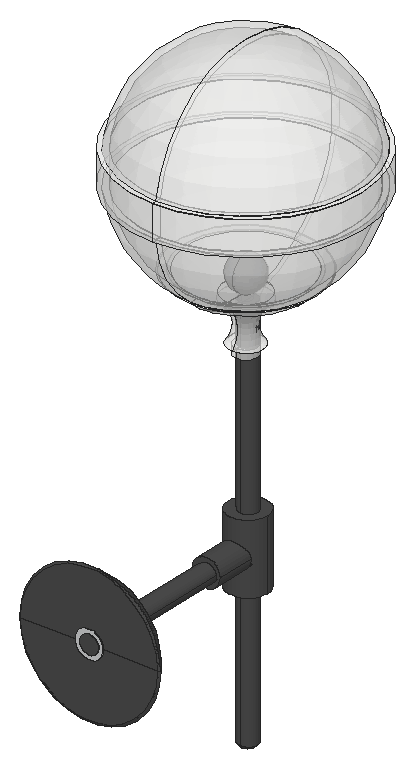
Revit family "PEGGY-Wall", category Lighting Fixtures, host Wall, Revit 2020
Family settings
  Host = Wall
  Round Connector Dimension = Use Diameter
  Part Type = Normal
  OmniClass Number = 23.80.70.00
  OmniClass Title = Lighting
  Always vertical = Yes
  Cut with Voids When Loaded = No
  Light Source = No
  Shared = No
  Room Calculation Point = No
Parameters (values of type "PEGGY AP")
  World Region [instance] = yes
  Width = 108 mm
  Voltage Control [instance] = if(World Region, 240 VA, 110 VA)  # 240 VA
  Voltage [instance] = if(World Region, 240 V, 110 V)  # 240 V
  USA and Canada market contacts = "ip@vistosi.it, +39.344.180.73.87"
  USA Region [instance] = not(World Region)  # no
  URL Product Page = "https://vistosi.it/prodotti-lampade-vetro/peggy-ap/?lang=en&sku=PEGGYAP000000OT-BCLUE141CE"
  URL = "https://vistosi.com"
  Type Comments = "Hangar Design Group"
  Region [instance] = if(World Region, "Europe", "USA")  # "Europe"
  Product data url = ""
  Model = "PEGGY"
  Material Bulb [instance] = 000_VISTOSI_Bulb
  Manufacturer country = "Italy"
  Manufacturer = "Vistosi"
  Light Source [instance] = Bulb : 2700 K 13 W 37 V 2000 lm DIM2 Phase Cut
  Glass finish_type1 [instance] = none
  Frequency [instance] = if(World Region, 50 Hz, 60 Hz)  # 50 Hz
  Frame finish [instance] = none
  Designer = "Hangar Design Group"
  Description = "WALL LAMP"
  Depth = 108 mm
  Default Elevation = 0 mm
  Country = "Europe"
  Contact = "T. +39 041 5903480 Email: vistosi@vistosi.it"
  Bulb Diametr = 15 mm
  BIMobject category = ""
Reference planes
  plane 1: y = 0
  plane 2 "Light Source Axis (L/R)": x = 125
  plane 3 "Light Source Axis (F/R)": y = 247
  plane 4 "Light Source Elevation": z = 1800
Forms (mm)
  Sweep 1, solid, material <- "Frame finish"
    path origin (125, 0, 0) x (0, 1, 0) y (0, 0, 1)
      loop
        line (247, 1800) -> (75, 1800)
    profile origin (125, 161, 1800) x (0, 0, -1) y (1, 0, 0)
      loop
        circle (0.175, 0) r 8
  Extrusion 2, solid, material <- "Frame finish"
    sketch origin (3.125, 23.125, 1800) x (1, 0, 0) y (0, 1, 0)
      loop
        circle (121.875, 223.875) r 17
      loop
        circle (121.875, 224.05) r 8
    from -30 to 30
  Extrusion 3, solid, material <- "Frame finish"
    sketch origin (-5000, 75, 0) x (-1, 0, 0) y (0, 0, 1)
      loop
        circle (-5125, 1800) r 12
    from 0 to 38
  Extrusion 4, solid, material <- "Frame finish"
    sketch origin (0, 247, -28.75) x (1, 0, 0) y (0, 0, 1)
      loop
        circle (125, 1828.75) r 12
    from 0 to 45
  Revolve 5, solid, material <- "Frame finish"
    sketch origin (125, 0, 0) x (0, 1, 0) y (0, 0, 1)
      loop
        line (247, 1992.899) -> (247, 1647.204) -> (253.25, 1647.204) -> (255, 1648.954) -> (255, 1992.899) -> (247, 1992.899)
      axis (247, 1992.899) -> (247, 1647.204)
    angle from 0 to 360
Text (mm)
  text "Placement side" at (-1787.139, 1116.779, 0), in view "Ref. Level"
  text "Placement side" at (0, 2110.396, 2986.058), in view "Left"
  text "Placement side" at (0, 628.478, 3011.967), in view "Right"
Dimensions and locks
  aligned and locked: plane 1 to host wall
  aligned and locked: Sweep 1 sketch curve to plane 4 "Light Source Elevation"
  aligned and locked: host wall to Sweep 1 sketch curve
  aligned and locked: plane 3 "Light Source Axis (F/R)" to Sweep 1 sketch curve
Nested families
  nested 1: "PEGGY_Base" at (125, 75, 1800) x (-1, 0, 0) z (0, 1, 0), Frame finish <- "Frame finish", type "Peggy_Base"
  nested 2: "PEGGY_Lampshade" at (123.624, 246.672, 1992.899) x (0, 1, 0) z (0, 0, 1), Frame finish <- "Frame finish", Glass finish_type1 <- "Glass finish_type1", Material Bulb <- "Material Bulb", Bulb Diametr <- "Bulb Diametr", type "Peggy"
    with Material Bulb 000_VISTOSI_Bulb, Glass finish_type1 none, Frame finish none, Bulb Diametr 15 mm
  nested 3: "Bulb" at (123.624, 246.672, 512.899) x (0, 1, 0) z (0, 0, 1), type "2700 K 13 W 37 V 2000 lm DIM2 Phase Cut"
    with Material 000_VISTOSI_Bulb, Diameter bulb 15 mm
Connectors
  electrical at (125, 75, 1799.825), driven by "Voltage", driven by "Voltage Control"
    settings: on Sweep 1, index 1, voltage 240 V, apparent load 0 VA, apparent load phase1 240 VA, apparent load phase2 0 VA, apparent load phase3 0 VA, power factor 1, load classification "Other", number of poles 1, system type 31, power factor state 1, is connector primary yes, connector utility no, sub classification motor no, connector description ""
Definition of nested family "PEGGY_Base"
  Parameters (values of type "Peggy_Base")
    Frame finish [instance] = none
    Description = "Top base"  # constant formula
    Default Elevation = 1219.2 mm
  Reference planes
    plane 1 "Center (Front/Back)": y = 0
    plane 2: z = 0
    plane 3 "Center (Left/Right)": x = 0
    plane 4: x = -61
    plane 5: x = 61
  Forms (mm)
    Extrusion 1, solid
      sketch origin (0, 0, 0) x (1, 0, 0) y (0, 1, 0)
        loop
          line (-1219.2, 1219.2) -> (-1219.2, -1219.2) -> (1219.2, -1219.2) -> (1219.2, 1219.2) -> (-1219.2, 1219.2)
      from 0 to -304.8
    Revolve 2, solid, material <- "Frame finish"
      sketch origin (0, 0, 0) x (1, 0, 0) y (0, 0, 1)
        loop
          line (0, 0) -> (59.4, 0) -> (61, 1.2)
          arc (61, 1.2) -> (34.579, 24.925) -> (0, 33) r 71.449
          line (0, 33) -> (0, 0)
        axis (0, 33) -> (0, 0)
      angle from 0 to 360
  Dimensions and locks
    aligned and locked: plane 2 to Extrusion 1
    aligned and locked: level to Extrusion 1
Definition of nested family "PEGGY_Lampshade"
  Parameters (values of type "Peggy")
    Material Bulb [instance] = none
    Glass finish_type1 [instance] = none
    Frame finish [instance] = none
    Description = "Lampshade"  # constant formula
    Default Elevation = 1000 mm
    Bulb Diametr [instance] = 15 mm
  Reference planes
    plane 1 "Center (Front/Back)": y = 0
    plane 2: z = 0
    plane 3 "Center (Left/Right)": x = 0
    plane 4: x = -101.5
    plane 5: x = 101.5
  Forms (mm)
    Extrusion 1, solid
      sketch origin (0, 0, 0) x (1, 0, 0) y (0, 1, 0)
        loop
          line (-1219.2, 1219.2) -> (-1219.2, -1219.2) -> (1219.2, -1219.2) -> (1219.2, 1219.2) -> (-1219.2, 1219.2)
      from 0 to -304.8
    Revolve 2, solid, material <- "Frame finish"
      sketch origin (-3.594, 0, 0.043) x (1, 0, 0) y (0, 0, 1)
        loop
          line (-1.406, -0.043) -> (-1.406, 4.957) -> (-15.8, 4.957)
          arc (-15.8, 4.957) -> (-34.037, 11.853) -> (-50.186, 22.777) r 83.779
          line (-50.186, 22.777) -> (-57.574, 22.777)
          arc (-57.574, 22.777) -> (-38.53, 8.589) -> (-16.406, -0.043) r 88.779
          line (-16.406, -0.043) -> (-1.406, -0.043)
        axis (3.594, -0.043) -> (3.594, 22.777)
      angle from 0 to 360
    Revolve 3, solid, material <- "Glass finish_type1"
      sketch origin (-3.594, 0, 0.043) x (1, 0, 0) y (0, 0, 1)
        loop
          line (-56.56, 22.777) -> (-47.535, 22.777)
          arc (-47.535, 22.777) -> (-75.88, 50.457) -> (-89.079, 87.813) r 87.336
          line (-89.079, 87.813) -> (-94.108, 87.813)
          arc (-94.108, 87.813) -> (-82.244, 51.305) -> (-56.56, 22.777) r 92.336
        axis (3.594, 22.777) -> (3.594, 87.813)
      angle from 0 to 360
    Revolve 4, solid, material <- "Frame finish"
      sketch origin (-3.594, 0, 0.043) x (1, 0, 0) y (0, 0, 1)
        loop
          line (-89.053, 87.813) -> (-89.053, 117.813) -> (-97.906, 117.813) -> (-97.906, 87.813) -> (-89.053, 87.813)
        axis (3.594, 87.813) -> (3.594, 117.813)
      angle from 0 to 360
    Revolve 5, solid, material <- "Glass finish_type1"
      sketch origin (-3.594, 0, 0.043) x (1, 0, 0) y (0, 0, 1)
        loop
          arc (3.594, 200.813) -> (-61.008, 177.855) -> (-94.106, 117.813) r 96.6
          line (-94.106, 117.813) -> (-89.053, 117.813)
          arc (-89.053, 117.813) -> (-57.459, 174.308) -> (3.594, 195.811) r 91.6
          line (3.594, 195.811) -> (3.594, 200.813)
        axis (3.594, 117.813) -> (3.594, 200.813)
      angle from 0 to 360
    Revolve 6, solid, material <- "Frame finish"
      sketch origin (-3.594, 0, 0.043) x (1, 0, 0) y (0, 0, 1)
        loop
          line (3.594, -0.043) -> (-16.406, -0.043)
          arc (-16.406, -0.043) -> (-5.964, -16.408) -> (-11.406, -35.043) r 23.487
          line (-11.406, -35.043) -> (3.594, -35.043) -> (3.594, -0.043)
        axis (3.594, -35.043) -> (3.594, -0.043)
      angle from 0 to 360
    Revolve 7, solid, material <- "Frame finish"
      sketch origin (-3.594, 0, 0.043) x (1, 0, 0) y (0, 0, 1)
        loop
          line (3.594, -43.043) -> (3.594, -35.043) -> (-6.406, -35.043) -> (-6.406, -43.043) -> (3.594, -43.043)
        axis (3.594, -43.043) -> (3.594, -35.043)
      angle from 0 to 360
  Lines and regions (mm)
    Masking region 1, not visible
      outline origin (0, 0, 0) x (1, 0, 0) y (0, 1, 0)
        loop
          circle (0, 0) r 225
    Masking region 2, not visible
      outline origin (0, 0, 0) x (1, 0, 0) y (0, 1, 0)
        loop
          circle (0, 0) r 172.6
    Masking region 3
      outline origin (0, 0, 0) x (1, 0, 0) y (0, 1, 0)
        loop
          circle (0, 0) r 80
  Dimensions and locks
    locked: nested 1 to level at 20
    aligned and locked: plane 2 to Extrusion 1
    aligned and locked: level to Extrusion 1
    aligned and locked: plane 3 "Center (Left/Right)" to nested 1
  Nested families
    nested 1: "Bulb" at (0, 0, -1480), Material <- "Material Bulb", Diameter bulb <- "Bulb Diametr", type "2700 K 13 W 37 V 2000 lm DIM2 Phase Cut"
      with Material none, Diameter bulb 15 mm
  Definition of nested family "Bulb"
    Parameters (values of type "3000 K 13 W 37 V 2000 lm DIM3 0-10V, Push")
      Wattage = 13.4642 W
      built-in parameter 1150110 = 1 (stored number, unit not read)
      USA and Canada market contacts = ""
      built-in parameter 1114217 = 1 (stored number, unit not read)
      built-in parameter 1150109 = 1 (stored number, unit not read)
      built-in parameter 1150134 = (empty or 0)
      built-in parameter 1150113 = 1 (stored number, unit not read)
      Material [instance] = none
      Diameter bulb [instance] = 15 mm
      Lumens = 2000 lm
      built-in parameter 1150115 = 1 (stored number, unit not read)
      built-in parameter 1150105 = 159.15 (stored number, unit not read)
      Light Source Symbol Size = 30 mm
      built-in parameter 1150137 = (empty or 0)
      built-in parameter 1150139 = (empty or 0)
      built-in parameter 1150112 = 1 (stored number, unit not read)
      built-in parameter 1150114 = 1 (stored number, unit not read)
      built-in parameter 1150132 = 2
      built-in parameter 1150102 = (empty or 0)
      built-in parameter 1150138 = (empty or 0)
      built-in parameter 1150107 = 3000 (stored number, unit not read)
      built-in parameter 1150106 = 1.5915 (stored number, unit not read)
      built-in parameter 1150104 = 13.8 (stored number, unit not read)
      Dimming Lamp Color Temperature Shift = (empty or 0)
      Default Elevation = 1219.2 mm
      Color Filter = 16777215
      built-in parameter 1114218 = 1 (stored number, unit not read)
      built-in parameter 1150133 = 10 (stored number, unit not read)
    Types (4, lengths in mm): name | built-in parameter 1150107
      2700 K 13 W 37 V 2000 lm DIM2 Phase Cut | 2700 (stored number, unit not read)
      2700 K 13 W 37 V 2000 lm DIM3 0-10V, Push | 2700 (stored number, unit not read)
      3000 K 13 W 37 V 2000 lm DIM2 Phase Cut | 3000 (stored number, unit not read)
      3000 K 13 W 37 V 2000 lm DIM3 0-10V, Push | 3000 (stored number, unit not read)
    Reference planes
      plane 1 "Light Source Axis (F/B)": y = 0
      plane 2: z = 0
      plane 3 "Light Source Axis (L/R)": x = 0
      plane 4 "Light Source Elevation": z = 1500
    Forms (mm)
      Revolve 1, solid, material <- "Material"
        sketch origin (0, 0, 0) x (1, 0, 0) y (0, 0, 1)
          loop
            arc (0, 1515) -> (-15, 1500) -> (0, 1485) r 15
            line (0, 1485) -> (0, 1515)
          axis (0, 1515) -> (0, 1485)
        angle from 0 to 360
    Dimensions and locks
      "Diameter bulb": radius of Revolve 1 sketch curve
      aligned and locked: plane 3 "Light Source Axis (L/R)" to imposter light
      aligned and locked: plane 1 "Light Source Axis (F/B)" to imposter light
      aligned and locked: plane 4 "Light Source Elevation" to imposter light
      aligned and locked: level to plane 2
    Automatic sketch dimensions
      Revolve 1 sketch curve to plane 3 "Light Source Axis (L/R)" = 0 mm  (x2)
      Revolve 1 sketch curve to plane 4 "Light Source Elevation" = 0 mm
      Revolve 1 sketch curve to Revolve 1 sketch curve = 5 mm  (x2)
Definition of nested family "Bulb"
  Parameters (values of type "3000 K 13 W 37 V 2000 lm DIM3 0-10V, Push")
    Wattage = 13.4642 W
    built-in parameter 1150110 = 1 (stored number, unit not read)
    USA and Canada market contacts = ""
    built-in parameter 1114217 = 1 (stored number, unit not read)
    built-in parameter 1150109 = 1 (stored number, unit not read)
    built-in parameter 1150134 = (empty or 0)
    built-in parameter 1150113 = 1 (stored number, unit not read)
    Material [instance] = none
    Diameter bulb [instance] = 15 mm
    Lumens = 2000 lm
    built-in parameter 1150115 = 1 (stored number, unit not read)
    built-in parameter 1150105 = 159.15 (stored number, unit not read)
    Light Source Symbol Size = 30 mm
    built-in parameter 1150137 = (empty or 0)
    built-in parameter 1150139 = (empty or 0)
    built-in parameter 1150112 = 1 (stored number, unit not read)
    built-in parameter 1150114 = 1 (stored number, unit not read)
    built-in parameter 1150132 = 2
    built-in parameter 1150102 = (empty or 0)
    built-in parameter 1150138 = (empty or 0)
    built-in parameter 1150107 = 3000 (stored number, unit not read)
    built-in parameter 1150106 = 1.5915 (stored number, unit not read)
    built-in parameter 1150104 = 13.8 (stored number, unit not read)
    Dimming Lamp Color Temperature Shift = (empty or 0)
    Default Elevation = 1219.2 mm
    Color Filter = 16777215
    built-in parameter 1114218 = 1 (stored number, unit not read)
    built-in parameter 1150133 = 10 (stored number, unit not read)
  Types (4, lengths in mm): name | built-in parameter 1150107
    2700 K 13 W 37 V 2000 lm DIM2 Phase Cut | 2700 (stored number, unit not read)
    2700 K 13 W 37 V 2000 lm DIM3 0-10V, Push | 2700 (stored number, unit not read)
    3000 K 13 W 37 V 2000 lm DIM2 Phase Cut | 3000 (stored number, unit not read)
    3000 K 13 W 37 V 2000 lm DIM3 0-10V, Push | 3000 (stored number, unit not read)
  Reference planes
    plane 1 "Light Source Axis (F/B)": y = 0
    plane 2: z = 0
    plane 3 "Light Source Axis (L/R)": x = 0
    plane 4 "Light Source Elevation": z = 1500
  Forms (mm)
    Revolve 1, solid, material <- "Material"
      sketch origin (0, 0, 0) x (1, 0, 0) y (0, 0, 1)
        loop
          arc (0, 1515) -> (-15, 1500) -> (0, 1485) r 15
          line (0, 1485) -> (0, 1515)
        axis (0, 1515) -> (0, 1485)
      angle from 0 to 360
  Dimensions and locks
    "Diameter bulb": radius of Revolve 1 sketch curve
    aligned and locked: plane 3 "Light Source Axis (L/R)" to imposter light
    aligned and locked: plane 1 "Light Source Axis (F/B)" to imposter light
    aligned and locked: plane 4 "Light Source Elevation" to imposter light
    aligned and locked: level to plane 2
  Automatic sketch dimensions
    Revolve 1 sketch curve to plane 3 "Light Source Axis (L/R)" = 0 mm  (x2)
    Revolve 1 sketch curve to plane 4 "Light Source Elevation" = 0 mm
    Revolve 1 sketch curve to Revolve 1 sketch curve = 5 mm  (x2)
